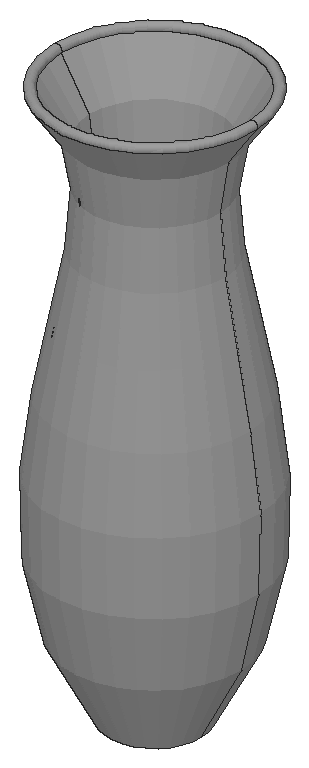
Revit family "Vaso decoração", category Furniture, Revit 2016
Family settings
  OmniClass Number = 23.40.20.00
  OmniClass Title = General Furniture and Specialties
  Work Plane-Based = No
  Always vertical = Yes
  Cut with Voids When Loaded = No
  Shared = No
  Room Calculation Point = No
Parameters
  Porcelein = Porcelein
Reference planes (cm)
  plane 1 "Center (Front/Back)": y = 0
  plane 2: z = 0
  plane 3 "Center (Left/Right)": x = 0
Forms (cm)
  Revolve 1, solid, material "Porcelein" <- "Porcelein"
    sketch origin (0, 0, 0) x (1, 0, 0) y (0, 0, 1)
      loop
        line (0, 0) -> (0, 1) -> (-2.5, 1)
        spline (-2.5, 1) -> (-3.9817, 4.1349) -> (-4.8282, 7.1617) -> (-5.1604, 10.0738) -> (-5.0996, 12.8643) -> (-4.7669, 15.5265) -> (-4.2834, 18.0536) -> (-3.7703, 20.4389) -> (-3.3487, 22.6755) -> (-3.1397, 24.7567) -> (-3.2645, 26.6757) -> (-3.8442, 28.4257) -> (-5, 30)
        arc (-5, 30) -> (-5.2143, 30.3637) -> (-5.4285, 30) r 0.245
        spline (-5.4285, 30) -> (-4.2134, 28.4853) -> (-3.6184, 26.6904) -> (-3.5105, 24.6454) -> (-3.7565, 22.3809) -> (-4.2235, 19.9271) -> (-4.7783, 17.3144) -> (-5.2879, 14.573) -> (-5.6192, 11.7335) -> (-5.6392, 8.8261) -> (-5.2147, 5.8811) -> (-4.2126, 2.929) -> (-2.5, 0)
        line (-2.5, 0) -> (0, 0)
      axis (0, 30) -> (0, 0)
    angle from 0 to 360
Dimensions and locks (cm)
  aligned and locked: level to plane 2
